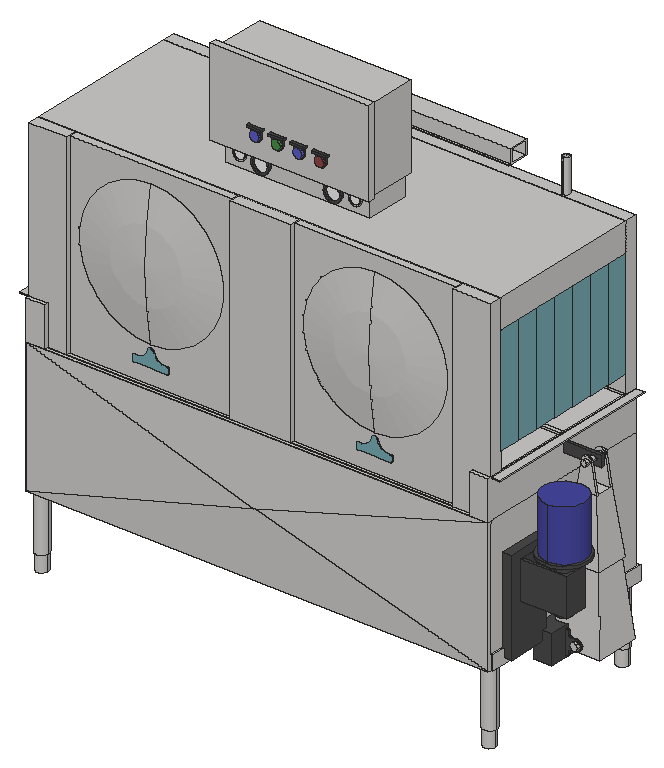
Revit family (continued)
Dimensions and locks (in)
  aligned and locked: Extrusion 13 sketch curve to plane 6 "FRONT"
  aligned and locked: plane 20 to Extrusion 13 sketch curve
  aligned and locked: Extrusion 13 sketch curve to plane 5 "RIGHT"
  aligned and locked: Extrusion 13 to plane 15 "Bottom of Machine"
  aligned and locked: plane 18 "Panel Top" to Extrusion 13
  aligned and locked: Extrusion 14 sketch curve to plane 17 "Top of Machine"
  aligned and locked: Extrusion 14 sketch curve to plane 5 "RIGHT"
  aligned and locked: plane 16 "Table Height" to Extrusion 14 sketch curve
  aligned and locked: plane 18 "Panel Top" to Extrusion 14 sketch curve
  aligned and locked: Extrusion 14 sketch curve to Extrusion 4
  aligned and locked: Extrusion 14 to plane 25
  aligned and locked: Extrusion 15 sketch curve to plane 28
  aligned and locked: plane 25 to Extrusion 15 sketch curve
  aligned and locked: plane 27 to Extrusion 15 sketch curve
  aligned and locked: Extrusion 15 to plane 18 "Panel Top"
  aligned and locked: plane 30 to Extrusion 16
  aligned and locked: Extrusion 17 to plane 30
  aligned and locked: plane 15 "Bottom of Machine" to Extrusion 17
  aligned and locked: plane 25 to Extrusion 24 sketch curve
  aligned and locked: plane 5 "RIGHT" to Extrusion 24 sketch curve  (x7)
  aligned and locked: plane 24 to Extrusion 24 sketch curve
  aligned and locked: plane 2 "LEFT" to Extrusion 25 sketch curve  (x7)
  aligned and locked: Extrusion 25 sketch curve to plane 24
  aligned and locked: Extrusion 25 sketch curve to plane 25
  aligned and locked: Extrusion 26 sketch curve to plane 36
  aligned and locked: plane 35 "Front of Lower Panel" to Extrusion 26 sketch curve
  aligned and locked: plane 31 to Extrusion 26 sketch curve
  aligned and locked: plane 32 to Extrusion 26 sketch curve
  aligned and locked: Extrusion 27 sketch curve to plane 38 "Back of Panel"
  aligned and locked: plane 37 to Extrusion 27 sketch curve
  aligned and locked: plane 40 to Extrusion 27 sketch curve
  aligned and locked: Extrusion 27 sketch curve to plane 41
  aligned and locked: Extrusion 28 sketch curve to plane 37
  aligned and locked: plane 39 "Front of Upper Panel" to Extrusion 28 sketch curve
  aligned and locked: plane 33 to Extrusion 28 sketch curve
  aligned and locked: Extrusion 28 sketch curve to plane 34
  aligned and locked: Extrusion 31 sketch curve to Extrusion 30  (x2)
  aligned and locked: Extrusion 32 sketch curve to Extrusion 29  (x2)
  aligned and locked: Extrusion 35 sketch curve to Extrusion 34  (x2)
  aligned and locked: Extrusion 36 sketch curve to Extrusion 33  (x2)
  aligned and locked: Extrusion 44 sketch curve to plane 17 "Top of Machine"
  aligned and locked: Extrusion 44 sketch curve to plane 6 "FRONT"
  aligned and locked: plane 25 to Extrusion 44 sketch curve
  aligned and locked: plane 24 to Extrusion 44 sketch curve
  aligned and locked: plane 3 "BACK" to Extrusion 44 sketch curve
  aligned and locked: Extrusion 45 sketch curve to plane 3 "BACK"
  aligned and locked: plane 17 "Top of Machine" to Extrusion 45 sketch curve
  aligned and locked: Extrusion 45 sketch curve to plane 24
  aligned and locked: plane 6 "FRONT" to Extrusion 45 sketch curve
  aligned and locked: Extrusion 45 sketch curve to plane 25
  aligned and locked: plane 6 "FRONT" to Extrusion 46 sketch curve
  aligned and locked: Extrusion 46 sketch curve to plane 17 "Top of Machine"
  aligned and locked: plane 3 "BACK" to Extrusion 46 sketch curve
  aligned and locked: plane 24 to Extrusion 46 sketch curve
  aligned and locked: plane 29 "Top of Opening" to Extrusion 46 sketch curve
  aligned and locked: plane 25 to Extrusion 46 sketch curve
  aligned and locked: Extrusion 46 to plane 42
  aligned and locked: plane 42 to Extrusion 44
  aligned and locked: Extrusion 45 to plane 43
  aligned and locked: plane 43 to Extrusion 47
  aligned and locked: Extrusion 48 sketch curve to plane 46
  aligned and locked: plane 44 to Extrusion 48 sketch curve
  aligned and locked: Extrusion 48 sketch curve to plane 13
  aligned and locked: plane 47 to Extrusion 48 sketch curve
  aligned and locked: plane 48 "Top of Vents" to Extrusion 48
  aligned and locked: Extrusion 49 sketch curve to plane 14
  aligned and locked: plane 45 to Extrusion 49 sketch curve
  aligned and locked: plane 46 to Extrusion 49 sketch curve
  aligned and locked: Extrusion 49 sketch curve to plane 47
  aligned and locked: Extrusion 50 sketch curve to Extrusion 48  (x4)
  aligned and locked: Extrusion 51 sketch curve to Extrusion 49  (x4)
  aligned and locked: Extrusion 55 sketch curve to Extrusion 53
  aligned and locked: Blend 56 sketch curve to Extrusion 55  (x2)
  aligned and locked: Extrusion 65 sketch curve to Extrusion 63  (x2)
  aligned and locked: Extrusion 52 to plane 5 "RIGHT"
  aligned and locked: Extrusion 59 to plane 5 "RIGHT"
  aligned: nested 1 to cut or joined group of Extrusion 44, Extrusion 51
  aligned and locked: plane 14 to nested 1
  aligned and locked: plane 45 to nested 1
  aligned and locked: plane 47 to nested 1
  aligned and locked: nested 1 to plane 46
  aligned and locked: Extrusion 70 to plane 49
  aligned and locked: Extrusion 70 to plane 50
  aligned and locked: Extrusion 71 to plane 50
  aligned and locked: Extrusion 71 to plane 49
  aligned and locked: plane 2 "LEFT" to curve 2
  aligned and locked: plane 3 "BACK" to curve 1
  aligned and locked: curve 4 to plane 5 "RIGHT"
  aligned and locked: plane 6 "FRONT" to curve 3
  aligned and locked: curve 6 to plane 11 "Left End Cowl"
  aligned and locked: curve 7 to plane 6 "FRONT"
  aligned and locked: curve 9 to plane 12 "Right End Cowl"
  aligned and locked: plane 49 to curve 11
  aligned and locked: plane 50 to curve 13
  aligned and locked: curve 12 to plane 51
  aligned and locked: plane 10 "Right of Ledge" to curve 15
  aligned and locked: curve 16 to plane 38 "Back of Panel"
  aligned and locked: plane 37 to curve 18
  aligned and locked: plane 40 to curve 17
  aligned and locked: curve 19 to plane 41
  aligned and locked: plane 33 to curve 23
  aligned and locked: plane 39 "Front of Upper Panel" to curve 22
  aligned and locked: curve 21 to plane 34
  aligned and locked: curve 25 to plane 46
  aligned and locked: curve 28 to plane 13
  aligned and locked: plane 44 to curve 26
  aligned and locked: plane 47 to curve 27
  aligned and locked: plane 47 to curve 31
  aligned and locked: curve 32 to plane 45
  aligned and locked: plane 14 to curve 30
  aligned and locked: curve 29 to plane 46
  aligned and locked: Extrusion 74 sketch curve to plane 21  (x2)
  aligned and locked: plane 53 to Extrusion 74 sketch curve
  aligned and locked: plane 50 to Extrusion 74 sketch curve
  aligned and locked: Extrusion 74 sketch curve to plane 51
  aligned and locked: plane 49 to Extrusion 74 sketch curve
  aligned: plane 48 "Top of Vents" to Extrusion 74
  aligned and locked: plane 4 "TOP" to Extrusion 74
  aligned and locked: plane 17 "Top of Machine" to Extrusion 75 sketch curve
  aligned and locked: Extrusion 75 sketch curve to plane 28
  aligned and locked: plane 27 to Extrusion 75 sketch curve
  aligned and locked: Extrusion 75 sketch curve to plane 54
  aligned and locked: Extrusion 75 to plane 25
  aligned and locked: Extrusion 74 sketch curve to plane 9 "Left of Ledge"
  aligned and locked: Extrusion 74 sketch curve to plane 10 "Right of Ledge"
  aligned and locked: Extrusion 76 sketch curve to plane 53
  aligned and locked: Extrusion 76 sketch curve to plane 10 "Right of Ledge"
  aligned and locked: plane 21 to Extrusion 76 sketch curve
  aligned and locked: Extrusion 76 sketch curve to plane 12 "Right End Cowl"
  aligned and locked: plane 4 "TOP" to Extrusion 76
  aligned and locked: plane 11 "Left End Cowl" to Extrusion 77 sketch curve
  aligned and locked: plane 21 to Extrusion 77 sketch curve
  aligned and locked: Extrusion 77 sketch curve to plane 9 "Left of Ledge"
  aligned and locked: Extrusion 77 sketch curve to plane 53
  aligned and locked: plane 4 "TOP" to Extrusion 77
  aligned and locked: curve 37 to plane 12 "Right End Cowl"
  aligned and locked: curve 36 to plane 53
  aligned and locked: plane 11 "Left End Cowl" to curve 33
  aligned and locked: Extrusion 79 sketch curve to plane 56
  aligned and locked: plane 55 to Extrusion 79 sketch curve
  aligned and locked: Extrusion 80 sketch curve to plane 56
  aligned and locked: plane 55 to Extrusion 80 sketch curve
  aligned and locked: plane 56 to Extrusion 14 sketch curve
  aligned and locked: plane 28 to Extrusion 82 sketch curve
  aligned and locked: Extrusion 82 sketch curve to plane 55
  aligned and locked: Extrusion 82 sketch curve to plane 17 "Top of Machine"
  aligned and locked: plane 18 "Panel Top" to Extrusion 82 sketch curve
  aligned and locked: Extrusion 82 to plane 25
  aligned and locked: Extrusion 82 to plane 6 "FRONT"
  aligned and locked: Extrusion 85 sketch curve to Extrusion 73  (x2)
  aligned and locked: Extrusion 86 sketch curve to Extrusion 84  (x2)
  aligned and locked: plane 25 to Extrusion 94 sketch curve
  aligned and locked: plane 57 to Extrusion 94 sketch curve
  aligned and locked: plane 6 "FRONT" to Extrusion 94 sketch curve
  aligned and locked: Extrusion 94 sketch curve to plane 58
  aligned and locked: plane 60 to Extrusion 95 sketch curve
  aligned and locked: Extrusion 95 sketch curve to plane 62
  aligned and locked: plane 25 to Extrusion 95 sketch curve
  aligned and locked: plane 6 "FRONT" to Extrusion 95 sketch curve
  aligned and locked: Extrusion 94 to plane 18 "Panel Top"
  aligned and locked: Extrusion 95 to plane 18 "Panel Top"
  aligned and locked: plane 27 to curve 49
  aligned and locked: plane 56 to curve 54
Automatic sketch dimensions
  Extrusion 37 sketch curve to Extrusion 37 sketch curve = 0' - 1"  (x3)
  Extrusion 37 sketch curve to Extrusion 37 sketch curve = 0' - 0 1/4"  (x5)
  Extrusion 37 sketch curve to Extrusion 37 sketch curve = 0' - 0"  (x2)
  Extrusion 42 sketch curve to Extrusion 42 sketch curve = 0' - 1 1/2"  (x3)
  Extrusion 42 sketch curve to Extrusion 42 sketch curve = 0' - 0 3/4"  (x4)
  Extrusion 42 sketch curve to Extrusion 42 sketch curve = 0' - 0"  (x3)
  Extrusion 42 sketch curve to Extrusion 42 sketch curve = 0' - 0 7/8"  (x4)
  Extrusion 37 sketch curve to Extrusion 37 sketch curve = 0' - 2"  (x4)
  Extrusion 88 sketch curve to Extrusion 88 sketch curve = 0' - 1"  (x3)
  Extrusion 88 sketch curve to Extrusion 88 sketch curve = 0' - 0 1/4"  (x5)
  Extrusion 88 sketch curve to Extrusion 88 sketch curve = 0' - 0"  (x2)
  Extrusion 93 sketch curve to Extrusion 93 sketch curve = 0' - 1 1/2"  (x3)
  Extrusion 93 sketch curve to Extrusion 93 sketch curve = 0' - 0 3/4"  (x4)
  Extrusion 93 sketch curve to Extrusion 93 sketch curve = 0' - 0"  (x3)
  Extrusion 93 sketch curve to Extrusion 93 sketch curve = 0' - 0 7/8"  (x4)
  Extrusion 88 sketch curve to Extrusion 88 sketch curve = 0' - 2"  (x4)
  plane 36 to Extrusion 8 sketch curve = 0' - 0 1/4"
  Extrusion 8 sketch curve to plane 36 = 0' - 0 1/4"
  plane 39 "Front of Upper Panel" to Extrusion 25 sketch curve = 0' - 0 3/8"
  Extrusion 25 sketch curve to Extrusion 25 sketch curve = 0' - 0 1/8"  (x6)
  Extrusion 25 sketch curve to plane 35 "Front of Lower Panel" = 0' - 1 1/4"
  plane 36 to Extrusion 25 sketch curve = 0' - 1 5/8"
  Extrusion 25 sketch curve to plane 2 "LEFT" = 0' - 0 1/8"  (x7)
  Extrusion 25 sketch curve to plane 38 "Back of Panel" = 0' - 1"
  Extrusion 25 sketch curve to Extrusion 25 sketch curve = 0' - 3"  (x2)
  Extrusion 29 sketch curve to Extrusion 29 sketch curve = 0' - 0"  (x2)
  Extrusion 30 sketch curve to Extrusion 30 sketch curve = 0' - 0"  (x2)
  Extrusion 33 sketch curve to Extrusion 33 sketch curve = 0' - 0"  (x2)
  Extrusion 34 sketch curve to Extrusion 34 sketch curve = 0' - 0"  (x2)
  plane 47 to Extrusion 48 sketch curve = 0' - 0 1/8"
  Extrusion 48 sketch curve to plane 46 = 0' - 0 1/8"
  Extrusion 48 sketch curve to plane 13 = 0' - 0 1/8"
  plane 44 to Extrusion 48 sketch curve = 0' - 0 1/8"
  Extrusion 49 sketch curve to plane 47 = 0' - 0 1/8"
  plane 46 to Extrusion 49 sketch curve = 0' - 0 1/8"
  Extrusion 49 sketch curve to plane 14 = 0' - 0 1/8"
  plane 45 to Extrusion 49 sketch curve = 0' - 0 1/8"
  Blend 66 sketch curve to plane 10 "Right of Ledge" = 0' - 0 5/16"
  Blend 66 sketch curve to plane 36 = 0' - 2 1/4"
  plane 38 "Back of Panel" to Blend 66 sketch curve = 0' - 1 3/4"
  Blend 66 sketch curve to plane 45 = 0' - 0 1/4"
  Blend 66 sketch curve to plane 14 = 0' - 0 1/4"
  Blend 66 sketch curve to plane 36 = 0' - 1 1/4"
  plane 38 "Back of Panel" to Blend 66 sketch curve = 0' - 0 3/4"
  Blend 66 sketch curve to plane 45 = 0' - 1 1/4"
  plane 45 to Blend 67 sketch curve = 0' - 0 1/2"
  plane 35 "Front of Lower Panel" to Blend 67 sketch curve = 0' - 3"
  plane 38 "Back of Panel" to Blend 67 sketch curve = 0' - 2 1/2"
  plane 10 "Right of Ledge" to Blend 67 sketch curve = 0' - 0 7/16"
  Blend 67 sketch curve to plane 10 "Right of Ledge" = 0' - 0 9/16"
  Blend 67 sketch curve to plane 36 = 0' - 2"
  plane 38 "Back of Panel" to Blend 67 sketch curve = 0' - 1 1/2"
  Blend 67 sketch curve to plane 45 = 0' - 0 1/2"
  Extrusion 70 sketch curve to plane 52 = 0' - 0"
  Extrusion 70 sketch curve to plane 17 "Top of Machine" = 0' - 0"
  Extrusion 70 sketch curve to plane 51 = 0' - 0"
  Extrusion 70 sketch curve to plane 51 = 0' - 0 1/8"
  Extrusion 70 sketch curve to plane 21 = 0' - 0 1/8"
  Extrusion 70 sketch curve to Extrusion 70 sketch curve = 0' - 0 1/8"
  plane 17 "Top of Machine" to Extrusion 70 sketch curve = 0' - 0 1/8"
  Extrusion 70 sketch curve to plane 52 = 0' - 0 1/8"
  Extrusion 71 sketch curve to plane 3 "BACK" = 0' - 0"
  Extrusion 71 sketch curve to plane 17 "Top of Machine" = 0' - 0"
  Extrusion 71 sketch curve to plane 3 "BACK" = 0' - 0 1/4"
  Extrusion 71 sketch curve to Extrusion 71 sketch curve = 0' - 0 1/8"
  Extrusion 73 sketch curve to Extrusion 73 sketch curve = 0' - 0"  (x2)
  Extrusion 80 sketch curve to plane 17 "Top of Machine" = 0' - 0"
  Extrusion 80 sketch curve to plane 54 = 0' - 0"
  Extrusion 83 sketch curve to Extrusion 83 sketch curve = 0' - 0"  (x2)
  curve 35 to plane 9 "Left of Ledge" = 0' - 0"
  curve 41 to plane 27 = 0' - 0"
  plane 25 to curve 40 = 0' - 0"
  curve 40 to plane 28 = 0' - 0"
  plane 25 to curve 42 = 0' - 0"
  curve 42 to plane 55 = 0' - 0"
  curve 44 to plane 56 = 0' - 0"
  curve 35 to plane 10 "Right of Ledge" = 0' - 0"
  curve 42 to plane 6 "FRONT" = 0' - 0"
  curve 44 to plane 6 "FRONT" = 0' - 0"
  curve 38 to plane 6 "FRONT" = 0' - 0"
  curve 40 to plane 6 "FRONT" = 0' - 0"
  curve 37 to plane 21 = 0' - 0"
  curve 33 to plane 21 = 0' - 0"
  plane 47 to curve 41 = 0' - 0 7/16"
  plane 47 to curve 45 = 0' - 0 7/16"
  plane 19 to Blend 12 sketch curve = 0' - 7 7/32"
  Blend 12 sketch curve to Blend 12 sketch curve = 0' - 0 1/16"
  Extrusion 24 sketch curve to plane 39 "Front of Upper Panel" = 0' - 0 3/8"
  Extrusion 24 sketch curve to Extrusion 24 sketch curve = 0' - 0 1/8"  (x6)
  plane 35 "Front of Lower Panel" to Extrusion 24 sketch curve = 0' - 1 1/4"
  Extrusion 24 sketch curve to plane 36 = 0' - 1 5/8"
  Extrusion 24 sketch curve to plane 5 "RIGHT" = 0' - 0 1/8"  (x7)
  plane 38 "Back of Panel" to Extrusion 24 sketch curve = 0' - 1"
  Extrusion 24 sketch curve to Extrusion 24 sketch curve = 0' - 3"  (x2)
  plane 49 to Extrusion 43 sketch curve = 0' - 1.49793"
  Extrusion 43 sketch curve to Extrusion 43 sketch curve = 0' - 0.25142"  (x2)
  Extrusion 43 sketch curve to Extrusion 43 sketch curve = 0' - 0.25483"
  plane 49 to Extrusion 43 sketch curve = 0' - 0.94306"
  Extrusion 43 sketch curve to plane 49 = 0' - 0.38874"
  Extrusion 43 sketch curve to plane 49 = 0' - 0.58031"
  Extrusion 43 sketch curve to Extrusion 43 sketch curve = 0' - 0.41934"
  Extrusion 43 sketch curve to plane 49 = 0' - 1"
  Extrusion 43 sketch curve to Extrusion 43 sketch curve = 0' - 0.42496"
  Extrusion 43 sketch curve to Extrusion 43 sketch curve = 0' - 0"
  Extrusion 43 sketch curve to Extrusion 43 sketch curve = 0' - 1.22253"
  Extrusion 43 sketch curve to Extrusion 43 sketch curve = 0' - 1.51845"
  Extrusion 43 sketch curve to Extrusion 43 sketch curve = 0' - 1.63184"
  Extrusion 43 sketch curve to Extrusion 43 sketch curve = 0' - 0.00341"
  Extrusion 43 sketch curve to plane 16 "Table Height" = 0' - 2.43574"  (x2)
  Extrusion 43 sketch curve to Extrusion 43 sketch curve = 0' - 0.48493"  (x2)
  Extrusion 43 sketch curve to Extrusion 43 sketch curve = 0' - 0.08323"
  plane 19 to Extrusion 43 sketch curve = 0' - 6.6719"
  Extrusion 44 sketch curve to plane 46 = 0' - 0 1/16"
  plane 47 to Extrusion 44 sketch curve = 0' - 0 1/16"
  Extrusion 44 sketch curve to plane 17 "Top of Machine" = 0' - 0 1/8"
  Extrusion 44 sketch curve to plane 29 "Top of Opening" = 0' - 0.88572"
  Extrusion 44 sketch curve to Extrusion 44 sketch curve = 0' - 0.05178"  (x2)
  Extrusion 44 sketch curve to Extrusion 44 sketch curve = 0' - 1 1/2"  (x2)
  Extrusion 44 sketch curve to Extrusion 44 sketch curve = 0' - 0.17678"  (x2)
  plane 16 "Table Height" to Extrusion 44 sketch curve = 0' - 5.17678"
  plane 47 to Extrusion 45 sketch curve = 0' - 0 1/16"
  Extrusion 45 sketch curve to plane 46 = 0' - 0 1/16"
  Extrusion 45 sketch curve to plane 17 "Top of Machine" = 0' - 0 1/8"
  Extrusion 45 sketch curve to plane 29 "Top of Opening" = 0' - 0.88572"
  Extrusion 45 sketch curve to Extrusion 45 sketch curve = 0' - 0.05178"  (x2)
  Extrusion 45 sketch curve to Extrusion 45 sketch curve = 0' - 1 1/2"  (x2)
  Extrusion 45 sketch curve to Extrusion 45 sketch curve = 0' - 0.17678"  (x2)
  plane 16 "Table Height" to Extrusion 45 sketch curve = 0' - 5.17678"
  Extrusion 46 sketch curve to plane 29 "Top of Opening" = 0' - 0 15/16"
  Extrusion 46 sketch curve to Extrusion 46 sketch curve = 0' - 1 5/8"  (x2)
  plane 16 "Table Height" to Extrusion 46 sketch curve = 0' - 5 1/8"
  Extrusion 47 sketch curve to plane 6 "FRONT" = 0' - 0"
  Extrusion 47 sketch curve to plane 25 = 0' - 0"
  Extrusion 47 sketch curve to plane 24 = 0' - 0"
  Extrusion 47 sketch curve to plane 3 "BACK" = 0' - 0"
  Extrusion 47 sketch curve to plane 29 "Top of Opening" = 0' - 0"
  Extrusion 47 sketch curve to plane 17 "Top of Machine" = 0' - 0"
  Extrusion 47 sketch curve to plane 29 "Top of Opening" = 0' - 0 15/16"
  Extrusion 47 sketch curve to Extrusion 47 sketch curve = 0' - 1 5/8"  (x2)
  plane 16 "Table Height" to Extrusion 47 sketch curve = 0' - 5 1/8"
  plane 23 to Extrusion 52 sketch curve = 0' - 0"
  Extrusion 52 sketch curve to plane 5 "RIGHT" = 0' - 0"
  Extrusion 52 sketch curve to plane 19 = 0' - 0"
  plane 15 "Bottom of Machine" to Extrusion 52 sketch curve = 0' - 0 15/16"
  Extrusion 52 sketch curve to plane 18 "Panel Top" = 0' - 4 9/16"
  Extrusion 53 sketch curve to plane 25 = 0' - 1 5/8"
  Extrusion 53 sketch curve to plane 45 = 0' - 0 11/16"  (x2)
  Extrusion 53 sketch curve to plane 39 "Front of Upper Panel" = 0' - 1 1/2"
  Extrusion 53 sketch curve to plane 39 "Front of Upper Panel" = 0' - 0 3/16"
  Extrusion 53 sketch curve to plane 35 "Front of Lower Panel" = 0' - 0 1/8"
  plane 45 to Extrusion 53 sketch curve = 0' - 0 15/16"
  Extrusion 53 sketch curve to plane 10 "Right of Ledge" = 0' - 0 3/8"
  Extrusion 53 sketch curve to plane 10 "Right of Ledge" = 0' - 0 1/8"
  Extrusion 54 sketch curve to plane 39 "Front of Upper Panel" = 0' - 0 3/16"
  Blend 56 sketch curve to plane 39 "Front of Upper Panel" = 0' - 0 3/16"
  Extrusion 57 sketch curve to plane 39 "Front of Upper Panel" = 0' - 0 3/16"
  Extrusion 58 sketch curve to plane 39 "Front of Upper Panel" = 0' - 0 3/16"
  Extrusion 59 sketch curve to plane 5 "RIGHT" = 0' - 0"
  plane 14 to Extrusion 59 sketch curve = 0' - 1 3/16"
  Extrusion 59 sketch curve to plane 45 = 0' - 1 7/16"
  Extrusion 59 sketch curve to plane 16 "Table Height" = 0' - 2 5/16"
  Extrusion 59 sketch curve to Extrusion 59 sketch curve = 0' - 0 3/4"
  Extrusion 59 sketch curve to plane 16 "Table Height" = 0' - 0 13/16"
  Extrusion 60 sketch curve to plane 19 = 0' - 0"
  plane 23 to Extrusion 60 sketch curve = 0' - 0"
  Extrusion 60 sketch curve to plane 5 "RIGHT" = 0' - 0"
  Extrusion 60 sketch curve to plane 14 = 0' - 0 5/16"
  Extrusion 60 sketch curve to plane 15 "Bottom of Machine" = 0' - 1 9/16"
  Extrusion 60 sketch curve to Extrusion 60 sketch curve = 0' - 0 7/16"
  Extrusion 61 sketch curve to Extrusion 61 sketch curve = 0' - 0"  (x2)
  plane 15 "Bottom of Machine" to Extrusion 61 sketch curve = 0' - 0 7/16"
  plane 14 to Extrusion 61 sketch curve = 0' - 1 3/16"
  plane 14 to Extrusion 61 sketch curve = 0' - 0 9/16"  (x2)
  Extrusion 61 sketch curve to plane 15 "Bottom of Machine" = 0' - 0 5/16"
  plane 14 to Extrusion 61 sketch curve = 0' - 0 3/16"  (x2)
  Extrusion 61 sketch curve to plane 14 = 0' - 0 1/16"  (x2)
  Extrusion 61 sketch curve to Extrusion 61 sketch curve = 0' - 0 1/4"
  Extrusion 61 sketch curve to Extrusion 61 sketch curve = 0' - 0 5/16"
  Extrusion 61 sketch curve to plane 19 = 0' - 0 1/8"
  Extrusion 62 sketch curve to Extrusion 62 sketch curve = 0' - 0"  (x2)
  plane 15 "Bottom of Machine" to Extrusion 62 sketch curve = 0' - 0 7/16"
  plane 14 to Extrusion 62 sketch curve = 0' - 1 3/16"
  plane 14 to Extrusion 62 sketch curve = 0' - 0 9/16"  (x2)
  Extrusion 62 sketch curve to plane 15 "Bottom of Machine" = 0' - 0 5/16"
  plane 14 to Extrusion 62 sketch curve = 0' - 0 3/16"  (x2)
  Extrusion 62 sketch curve to plane 14 = 0' - 0 1/16"  (x2)
  Extrusion 62 sketch curve to Extrusion 62 sketch curve = 0' - 0 1/4"
  Extrusion 62 sketch curve to Extrusion 62 sketch curve = 0' - 0 5/16"
  Extrusion 62 sketch curve to plane 19 = 0' - 0 1/8"
  Extrusion 63 sketch curve to Extrusion 63 sketch curve = 0' - 0"  (x6)
  plane 18 "Panel Top" to Extrusion 63 sketch curve = 0' - 0 3/16"
  Extrusion 63 sketch curve to plane 45 = 0' - 1 1/4"
  plane 14 to Extrusion 63 sketch curve = 0' - 1.92562"
  Extrusion 63 sketch curve to Extrusion 63 sketch curve = 0' - 0.36312"  (x2)
  Extrusion 63 sketch curve to Extrusion 63 sketch curve = 0' - 0 3/8"
  Extrusion 63 sketch curve to plane 14 = 0' - 0 1/4"
  Extrusion 63 sketch curve to plane 16 "Table Height" = 0' - 1 9/16"
  Extrusion 63 sketch curve to Extrusion 63 sketch curve = 0' - 0.13295"
  Extrusion 64 sketch curve to Extrusion 64 sketch curve = 0' - 0"  (x6)
  plane 18 "Panel Top" to Extrusion 64 sketch curve = 0' - 0 3/16"
  Extrusion 64 sketch curve to plane 45 = 0' - 1 1/4"
  plane 14 to Extrusion 64 sketch curve = 0' - 1.92562"
  Extrusion 64 sketch curve to Extrusion 64 sketch curve = 0' - 0.36312"  (x2)
  Extrusion 64 sketch curve to Extrusion 64 sketch curve = 0' - 0 3/8"
  Extrusion 64 sketch curve to plane 14 = 0' - 0 1/4"
  Extrusion 64 sketch curve to plane 16 "Table Height" = 0' - 1 9/16"
  Extrusion 64 sketch curve to Extrusion 64 sketch curve = 0' - 0.13295"
  Extrusion 68 sketch curve to Extrusion 68 sketch curve = 0' - 0"  (x2)
  plane 15 "Bottom of Machine" to Extrusion 68 sketch curve = 0' - 0 7/16"
  plane 14 to Extrusion 68 sketch curve = 0' - 1 11/16"
  Extrusion 68 sketch curve to Extrusion 68 sketch curve = 0' - 0 1/2"
  Extrusion 69 sketch curve to Extrusion 69 sketch curve = 0' - 0"  (x2)
  curve 15 to plane 6 "FRONT" = 0' - 0"
  plane 3 "BACK" to curve 9 = 0' - 0"
  plane 3 "BACK" to curve 6 = 0' - 0"
  curve 3 to plane 10 "Right of Ledge" = 0' - 0"
  curve 3 to plane 9 "Left of Ledge" = 0' - 0"
  Revolve 78 sketch curve to plane 20 = 0' - 0"
  Revolve 78 sketch curve to plane 20 = 0' - 10 3/4"
  plane 47 to Revolve 78 sketch curve = 0' - 0 7/16"
  plane 35 "Front of Lower Panel" to Revolve 78 sketch curve = 0' - 2 3/4"
  Revolve 78 sketch curve to plane 29 "Top of Opening" = 0' - 7.74993"
  plane 53 to Revolve 78 sketch curve = 1' - 5.49935"
  Revolve 78 sketch curve to plane 29 "Top of Opening" = 0' - 8"  (x2)
  plane 25 to Extrusion 79 sketch curve = 0' - 0"
  plane 47 to Extrusion 79 sketch curve = 0' - 0 7/16"
  Revolve 81 sketch curve to plane 20 = 0' - 0"
  Revolve 81 sketch curve to plane 20 = 0' - 10 3/4"
  plane 47 to Revolve 81 sketch curve = 0' - 0 7/16"
  plane 35 "Front of Lower Panel" to Revolve 81 sketch curve = 0' - 2 3/4"
  Revolve 81 sketch curve to plane 29 "Top of Opening" = 0' - 7.74993"
  plane 53 to Revolve 81 sketch curve = 1' - 5.49935"
  Revolve 81 sketch curve to plane 29 "Top of Opening" = 0' - 8"  (x2)
  Extrusion 84 sketch curve to Extrusion 84 sketch curve = 0' - 0"  (x2)
  Extrusion 87 sketch curve to plane 50 = 0' - 3.49793"
  Extrusion 87 sketch curve to Extrusion 87 sketch curve = 0' - 0.25142"  (x2)
  Extrusion 87 sketch curve to Extrusion 87 sketch curve = 0' - 0.25483"
  Extrusion 87 sketch curve to Extrusion 87 sketch curve = 0' - 0.30345"
  Extrusion 87 sketch curve to plane 50 = 0' - 1.61126"
  Extrusion 87 sketch curve to plane 50 = 0' - 1.41969"
  Extrusion 87 sketch curve to Extrusion 87 sketch curve = 0' - 0.41934"
  Extrusion 87 sketch curve to plane 50 = 0' - 1"
  Extrusion 87 sketch curve to Extrusion 87 sketch curve = 0' - 0.42496"
  Extrusion 87 sketch curve to Extrusion 87 sketch curve = 0' - 0"
  Extrusion 87 sketch curve to plane 50 = 0' - 0.38874"
  plane 50 to Extrusion 87 sketch curve = 0' - 0.94306"
  plane 50 to Extrusion 87 sketch curve = 0' - 1.2431"
  Extrusion 87 sketch curve to Extrusion 87 sketch curve = 0' - 0.00341"
  plane 19 to Extrusion 87 sketch curve = 0' - 6.6719"
  plane 18 "Panel Top" to Extrusion 87 sketch curve = 0' - 2.07309"  (x2)
  Extrusion 87 sketch curve to Extrusion 87 sketch curve = 0' - 0.08323"
  Extrusion 87 sketch curve to Extrusion 87 sketch curve = 0' - 0.48493"  (x2)
  Extrusion 87 sketch curve to plane 16 "Table Height" = 0' - 1.37507"
  Extrusion 96 sketch curve to plane 27 = 0' - 0"
  Extrusion 96 sketch curve to plane 6 "FRONT" = 0' - 0 1/4"
  Extrusion 97 sketch curve to plane 27 = 0' - 0"
  Extrusion 97 sketch curve to plane 6 "FRONT" = 0' - 0 1/4"
  Sweep 98 sketch curve to plane 6 "FRONT" = 0' - 0"  (x2)
  Sweep 98 sketch curve to plane 20 = 0' - 0 1/8"  (x2)
  Sweep 98 sketch curve to Sweep 98 sketch curve = 0' - 0 1/2"
  plane 16 "Table Height" to Sweep 98 sketch curve = 0' - 3 13/16"
  Sweep 98 sketch curve to plane 29 "Top of Opening" = 0' - 4 15/16"
  Sweep 98 sketch curve to plane 59 = 0' - 0"
  Sweep 98 sketch curve to profile plane = 0' - 0"
  curve 48 to plane 59 = 0' - 0"
  curve 53 to plane 61 = 0' - 0"
  curve 51 to plane 6 "FRONT" = 0' - 0"
  curve 50 to plane 6 "FRONT" = 0' - 0"
  curve 49 to plane 6 "FRONT" = 0' - 0"
  curve 47 to plane 6 "FRONT" = 0' - 0"
  curve 52 to plane 6 "FRONT" = 0' - 0"
  curve 54 to plane 6 "FRONT" = 0' - 0"
  curve 55 to plane 6 "FRONT" = 0' - 0"
  curve 46 to plane 6 "FRONT" = 0' - 0"
  curve 55 to plane 55 = 0' - 0"
  curve 50 to plane 28 = 0' - 0"
  curve 48 to plane 20 = 0' - 0 5/8"
  curve 53 to plane 20 = 0' - 0 5/8"
  plane 61 to curve 51 = 0' - 0 3/8"
  plane 59 to curve 47 = 0' - 0 3/8"
  Extrusion 99 sketch curve to plane 56 = 0' - 0"
  Extrusion 99 sketch curve to plane 6 "FRONT" = 0' - 0 1/4"
  Extrusion 100 sketch curve to plane 56 = 0' - 0"
  Extrusion 100 sketch curve to plane 6 "FRONT" = 0' - 0 1/4"
  Sweep 101 sketch curve to plane 6 "FRONT" = 0' - 0"  (x2)
  Sweep 101 sketch curve to plane 20 = 0' - 0 1/8"  (x2)
  Sweep 101 sketch curve to Sweep 101 sketch curve = 0' - 0 1/2"
  plane 16 "Table Height" to Sweep 101 sketch curve = 0' - 3 13/16"
  Sweep 101 sketch curve to plane 29 "Top of Opening" = 0' - 4 15/16"
  Sweep 101 sketch curve to plane 61 = 0' - 0"
  Sweep 101 sketch curve to profile plane = 0' - 0"
  plane 32 to curve 58 = 0' - 0.49556"
  plane 38 "Back of Panel" to curve 58 = 0' - 2.54105"
  plane 50 to curve 57 = 0' - 0.49556"
  plane 38 "Back of Panel" to curve 57 = 0' - 5.03544"
  plane 32 to curve 57 = 0' - 0.49556"
  curve 57 to plane 24 = 0' - 2.84517"
  curve 56 to plane 49 = 0' - 0.49556"
  radius of Extrusion 38 sketch curve = 0' - 0 5/8"
  radius of Extrusion 39 sketch curve = 0' - 0 5/8"
  radius of Extrusion 40 sketch curve = 0' - 0 5/8"
  radius of Extrusion 41 sketch curve = 0' - 0 5/8"
  radius of Extrusion 89 sketch curve = 0' - 0 5/8"
  radius of Extrusion 90 sketch curve = 0' - 0 5/8"
  radius of Extrusion 91 sketch curve = 0' - 0 5/8"
  radius of Extrusion 92 sketch curve = 0' - 0 5/8"
  radius of Extrusion 16 sketch curve = 0' - 0 13/16"
  radius of Extrusion 17 sketch curve = 0' - 0 15/16"
  radius of Extrusion 18 sketch curve = 0' - 0 13/16"
  radius of Extrusion 19 sketch curve = 0' - 0 15/16"
  radius of Extrusion 20 sketch curve = 0' - 0 13/16"
  radius of Extrusion 21 sketch curve = 0' - 0 15/16"
  radius of Extrusion 22 sketch curve = 0' - 0 13/16"
  radius of Extrusion 23 sketch curve = 0' - 0 15/16"
  radius of Extrusion 29 sketch curve = 0' - 1 1/4"
  radius of Extrusion 29 sketch curve = 0' - 1"
  radius of Extrusion 30 sketch curve = 0' - 0 3/4"
  radius of Extrusion 30 sketch curve = 0' - 0 7/8"
  radius of Extrusion 33 sketch curve = 0' - 1 1/4"
  radius of Extrusion 33 sketch curve = 0' - 1"
  radius of Extrusion 34 sketch curve = 0' - 0 3/4"
  radius of Extrusion 34 sketch curve = 0' - 0 7/8"
  radius of Extrusion 72 sketch curve = 0' - 0 1/4"
  radius of Extrusion 73 sketch curve = 0' - 1"
  radius of Extrusion 73 sketch curve = 0' - 1 1/8"
  radius of Extrusion 83 sketch curve = 0' - 0 3/8"
  radius of Extrusion 83 sketch curve = 0' - 0 1/2"
  radius of Extrusion 54 sketch curve = 0' - 1 1/16"
  radius of Blend 56 sketch curve = 0' - 2 1/16"
  radius of Extrusion 57 sketch curve = 0' - 3 1/4"
  radius of Extrusion 58 sketch curve = 0' - 2 7/8"
  radius of Extrusion 59 sketch curve = 0' - 0 3/8"
  radius of Extrusion 61 sketch curve = 0' - 0 1/2"
  radius of Extrusion 62 sketch curve = 0' - 0 1/2"
  radius of Extrusion 69 sketch curve = 0' - 0 3/8"
  radius of Extrusion 69 sketch curve = 0' - 0 1/2"
  radius of Extrusion 84 sketch curve = 0' - 1"
  radius of Extrusion 84 sketch curve = 0' - 1 1/8"
  radius of Extrusion 96 sketch curve = 0' - 0 1/4"
  radius of Extrusion 97 sketch curve = 0' - 0 1/4"
  radius of Sweep 98 sketch curve = 0' - 0 3/8"
  radius of Extrusion 99 sketch curve = 0' - 0 1/4"
  radius of Extrusion 100 sketch curve = 0' - 0 1/4"
  radius of Sweep 101 sketch curve = 0' - 0 3/8"
Nested families (in)
  nested 1: "QF_Stero_ER-64_L-R_E_EX" at (69.39022, -48.0625, 0), visible <- "Right Vent", Ventilation Remarks <- "Right Ventilation Remarks", Exhaust Volume <- "Right Exhaust Volume", Exhaust Vent Width <- "Right Exhaust Vent Width", Exhaust Vent Depth <- "Right Exhaust Vent Depth", Exhaust Static Press <- "Right Exhaust Static Press", Exhaust RI Height <- "Right Exhaust RI Height", Item Number <- "Right Exhaust Item Number", type "Nested"
    with Ventilation Remarks "", Item Number "-", Exhaust Volume 0 CFM, Exhaust Vent Width 0' - 3 7/8", Exhaust Vent Depth 2' - 0 7/8", Exhaust Static Press 0.00 in-wg, Exhaust RI Height 0' - 0"
  nested 2: "QF_Stero_ER-64_L-R_E_HW2" at (19.32772, -48.75, 0), Plumbing Remarks <- "Building Plumbing Remarks", Hot Water Temperature <- "Building Hot Water Temperature", Hot Water Size <- "Building Hot Water Size", Hot Water RI Height <- "Building Hot Water RI Height", Hot Water Minimum Pressure <- "Building Hot Water Minimum Pressure", Hot Water Maximum Pressure <- "Building Hot Water Maximum Pressure", Hot Water Flow <- "Building Hot Water Flow", Hot Water Consumption <- "Building Hot Water Consumption", Hot Water Connection Height <- "Building Hot Water Connection Height", Item Number <- "Building HW Item Number", type "Nested"
    with Plumbing Remarks "", Item Number "-", Hot Water Temperature 140 °F, Hot Water Size Radius 3/8", Hot Water Size 3/4", Hot Water RI Height 0' - 0", Hot Water Minimum Pressure 20.00 psi, Hot Water Maximum Pressure 20.00 psi, Hot Water Flow 0.00 GPM, Hot Water Consumption 2.00 GPM, Hot Water Connection Height 5' - 0"
Connectors (in)
  piping at (7.32772, -50, 6), driven by "Indirect Waste Flow"
    settings: on Extrusion 73, index 1, connector radius 1", flow factor 0, pipe flow 0.00 GPM, pressure drop 0.00 psi, fitting loss kfactor 0, connector angle 0.00°, fixture units 0, flow configuration 1, flow direction 2, fitting loss method 0, system type 16, connector reference index -1, connector utility 0, adjustable connector no, is connector primary yes, fitting loss table "", connector description "Indirect Waste"
  piping at (57.32772, -48.75, 60), driven by "Hot Water Flow"
    settings: on Extrusion 69, index 2, connector radius 3/8", flow factor 0, pipe flow 2.01 GPM, pressure drop 0.00 psi, fitting loss kfactor 0, connector angle 0.00°, fixture units 0, flow configuration 1, flow direction 1, fitting loss method 0, system type 19, connector reference index -1, connector utility 0, adjustable connector no, is connector primary no, fitting loss table "", connector description "Booster Hot Water"
  electrical at (44.32772, -59.9375, 68.5), driven by "Number of Poles", driven by "Volts", driven by "Apparent Power"
    settings: on Extrusion 72, index 3, voltage 208 V, apparent load 30082.6 VA, apparent load phase1 0 VA, apparent load phase2 0 VA, apparent load phase3 0 VA, power factor 1, load classification "Other", number of poles 1, system type 30, power factor state 1, is connector primary yes, connector utility no, sub classification motor no, connector description "Electric"
  hvac at (-2.67228, -60.5, 59.5), driven by "Exhaust Volume", driven by "Exhaust Vent Depth", driven by "Exhaust Vent Width", driven by "Exhaust Vent Text"
    settings: on cut or joined group of Extrusion 48, Extrusion 50, index 4, duct flow 0 CFM, flow factor 0, pres drop 0.00 in-wg, loss coef 0, conn angle 0.00°, conn width 3 7/8", conn height 24 7/8", conn radius 12", duct sys type 3, conn prof type 1, flow config 1, flow direction 2, loss method 0, conn ref index -1, conn util no, is conn primary yes, conn desc "Vent, Load End"
  hvac at (71.32772, -60.5, 59.5), driven by "Right Exhaust Volume", driven by "Right Exhaust Vent Depth", driven by "Right Exhaust Vent Width", driven by "Right Exhaust Vent Text"
    settings: on cut or joined group of Extrusion 49, Extrusion 51, index 5, duct flow 0 CFM, flow factor 0, pres drop 0.00 in-wg, loss coef 0, conn angle 0.00°, conn width 3 7/8", conn height 24 7/8", conn radius 12", duct sys type 3, conn prof type 1, flow config 1, flow direction 2, loss method 0, conn ref index -1, conn util no, is conn primary no, conn desc "Vent, Unload End"
  piping at (61.32772, -50, 6), driven by "Indirect Waste Flow"
    settings: on Extrusion 84, index 6, connector radius 1", flow factor 0, pipe flow 0.00 GPM, pressure drop 0.00 psi, fitting loss kfactor 0, connector angle 0.00°, fixture units 0, flow configuration 1, flow direction 2, fitting loss method 0, system type 16, connector reference index -1, connector utility 0, adjustable connector no, is connector primary no, fitting loss table "", connector description "Indirect Waste"
  piping at (19.32772, -48.75, 60), driven by "Building Hot Water Flow"
    settings: on Extrusion 83, index 7, connector radius 3/8", flow factor 0, pipe flow 0.00 GPM, pressure drop 0.00 psi, fitting loss kfactor 0, connector angle 0.00°, fixture units 0, flow configuration 1, flow direction 1, fitting loss method 0, system type 19, connector reference index -1, connector utility 0, adjustable connector no, is connector primary no, fitting loss table "", connector description "Building Hot Water"
Definition of nested family "QF_Stero_ER-64_L-R_E_EX"
  Parameters (values of type "Nested")
    Watermarked By = "http://revitwatermark.com"
    Ventilation Remarks [instance] = ""
    Type Comments = "⍁⍉⌁⌀⏭⎽⌇⍠⌜⍉⎖⌥⌦⌯⍭⏊⍻⍿⍊⏵⍊⏗⏠⍴⎡⌈⎀⍠⌓⌤⏘⎐⍀⌐⏬⏁⎈⏍⏦⎒⏬⌝⍩⍇⌣〈⎫〉⎁⏊⍥⍖⍥⍝⍦⌖⍀⏌⏭⎝⎼⏷⏞⍻⏯⎽⏷⏞⍻⏯⎽⏷⎺⌻⎝⍎⌧⏷⏟⏿⌿⍜⍦⍤⌁⍬⏶⏎⍊⏚⏉⎞⌡⎀⎪⏈⌟⌿⍾⍼⌟⌿⌢⏮⏝⏝⏛⎽⎻⎷⎳⎻⎗⌾⍼⎴⏿⏰⏑⏮⍮⍺⏼⏅⎏⌽⌻⍽⎝⍮⎧⎯⏛⎼⎮⍾⏬⏇⏎⏳⏦⏠⎧⎳⍷⏿⌏"
    Item Number [instance] = "-"
    Exhaust Volume [instance] = 0 CFM
    Exhaust Vent Width [instance] = 1' - 4"
    Exhaust Vent Depth [instance] = 0' - 4"
    Exhaust Static Press [instance] = 0.00 in-wg
    Exhaust RI Height [instance] = 0' - 0"
    Description = ""
    Assembly Code = ""
  Reference planes (in)
    plane 1 "Center (Back)": y = 0
    plane 2: z = 0
    plane 3 "Center (Left)": x = 0
    plane 4: x = 16
    plane 5: y = -4
  Lines and regions (in)
    symbolic lines, style "QF_Multiple Utilities"
      curve 1: line (0, 0, 0) -> (16, 0, 0)
      curve 2: line (0, -4, 0) -> (0, 0, 0)
      curve 3: line (16, -4, 0) -> (0, -4, 0)
      curve 4: line (16, 0, 0) -> (16, -4, 0)
      curve 5: line (16, 0, 0) -> (0, -4, 0)
      curve 6: line (0, 0, 0) -> (16, -4, 0)
  Dimensions and locks (in)
    "Exhaust Vent Width": plane 3 "Center (Left)" to plane 4
    "Exhaust Vent Depth": plane 1 "Center (Back)" to plane 5
    aligned and locked: level to plane 2
    aligned and locked: plane 1 "Center (Back)" to curve 1
    aligned and locked: plane 3 "Center (Left)" to curve 2
    aligned and locked: curve 3 to plane 5
    aligned and locked: curve 4 to plane 4
Definition of nested family "QF_Stero_ER-64_L-R_E_HW2"
  Parameters (values of type "Nested")
    Watermarked By = "http://revitwatermark.com"
    Type Comments = "⍁⍉⌁⌀⏭⎽⌇⍠⌜⍉⎖⌥⌦⌯⍭⏊⍻⍿⍊⏵⍊⏗⏠⍴⎡⌈⎀⍠⌓⌤⏘⎐⍀⌐⏬⏁⎈⏍⏦⎒⏬⌝⍩⍇⌣〈⎫〉⎁⏊⍥⍖⍥⍝⍦⌖⍀⏌⏭⎝⎼⏷⏞⍻⏯⎽⏷⏞⍻⏯⎽⏷⎺⌻⎝⍎⌧⏷⏟⏿⌿⍜⍦⍤⌁⍬⏶⏎⍊⏚⏉⎞⌡⎀⎪⏈⌟⌿⍾⍼⌟⌿⌢⏮⏝⏝⏛⎽⎻⎷⎳⎻⎗⌾⍼⎴⏿⏰⏑⏮⍮⍺⏼⏅⎏⌽⌻⍽⎝⍮⎧⎯⏛⎼⎮⍾⏬⏇⏎⏳⏦⏠⎧⎳⍷⏿⌏"
    Plumbing Remarks [instance] = ""
    Item Number [instance] = "-"
    Hot Water Temperature [instance] = 0 °F
    Hot Water Size [instance] = 1/4"
    Hot Water RI Height [instance] = 0' - 0"
    Hot Water Minimum Pressure [instance] = 0.00 psi
    Hot Water Maximum Pressure [instance] = 0.00 psi
    Hot Water Flow [instance] = 0.00 GPM
    Hot Water Consumption [instance] = 0.00 GPM
    Hot Water Connection Height [instance] = 0' - 0"
    Description = ""
    Hot Water Size Radius [instance] = Hot Water Size / 2  # 1/8"
    Assembly Code = ""
  Reference planes (in)
    plane 1 "Center (Back)": y = 0
    plane 2: z = 0
    plane 3 "Center (Left)": x = 0
  Lines and regions (in)
    symbolic lines, style "QF_Multiple Utilities"
      curve 1: circle (0, 0, 0) r 0.125 normal (0, 0, 1)
  Dimensions and locks (in)
    "Hot Water Size Radius": radius of curve 1
    aligned and locked: level to plane 2
  Automatic sketch dimensions
    plane 1 "Center (Back)" to curve 1 = 0' - 0"
    curve 1 to plane 3 "Center (Left)" = 0' - 0"
Types (3): name | Watermarked By | Volts | FL Amps | Apparent Power
  (no name) | "" | 208 V | 83.6 A | 30082.6 VA
  208/60/3 | "http://revitwatermark.com" | 208 V | 83.6 A | 30082.6 VA
  480/60/3 | "" | 480 V | 37.9 A | 31472.2 VA
